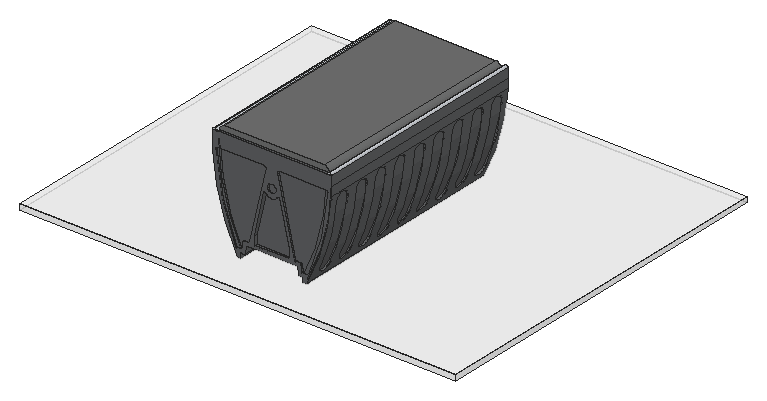
Revit family "TZ-206WWP(AS)", category Communication Devices, host Face, Revit 2016
Family settings
  Host = Face
  Maintain Annotation Orientation = No
  Part Type = Normal
  Round Connector Dimension = Use Diameter
  OmniClass Number = 23.85.10.11.14
  OmniClass Title = Audio Equipment
  Cut with Voids When Loaded = Yes
  Shared = No
  Room Calculation Point = No
Parameters (values of type "TZ-206WWP(AS)")
  Weight = "1.9kg  (4.18 lb) unit only"
  URL = "http://toa.com.sg"
  Rated Impedance 70V Line = "500 Ω (10W), 1 kΩ (5W), 2 kΩ (2.5W), 4 kΩ (1.3W)"
  Product URL = "https://toa.com.sg/document/2154-tz-206wwp-column-speaker-system-specification.pdf"  # constant formula
  Optional = "Speaker stand: ST-16A"
  Enclosure = "Sealed Type"
  Dust/Water Protection = "IP65"
  Speaker Component = "10cm (4\") Cone-type x 2, Waterproof"
  Sensitivity = "89 dB (1W, 1m)"
  Rated Input = "20W"
  Rated Impedance 100V Line = "500 Ω (20W), 1 kΩ (10W), 2 kΩ (5W), 4 kΩ (2.5W)"
  Model Type = "WALL MOUNT SPEAKERS"
  Model By = "BIMLIFE PTE LTD"  # constant formula
  Model = "TZ-206WWP(AS)"
  Mesh = Black Mesh
  Manufacturer = "TOA Electronics Pte Ltd"  # constant formula
  Supplier Tel = "+65 6835 9119"  # constant formula
  Supplier Fax = "+65 6835 9559"  # constant formula
  Supplier Address = "491B River Valley Road, #19-03/04 Valley Point Office Tower, Singapore 248373"  # constant formula
  Supplier = "TOA Electronics Pte Ltd"  # constant formula
  Suppiler Email = "http://toa.com.sg"  # constant formula
  Material = Black
  Frequency Response = "150 – 13,000 Hz"
  Finish = "Enclosure: HIPS, white ||| Punched Net: Surface-tread steel plate, white, anticorrosive paint ||| Speaker bracket: Aluminium die-cast, black, paint ||| Joint Bracket, wall bracket: Steel plate, t1.6, black, paint (ED Coating)"
  Input Terminal = "Push-In Terminals"
  Dimension = "135 (W) X 250 (H) X 128 (D) mm (5.31\" X 9.84\" x 5.04\")"
  Default Elevation = 0 mm
  Copyright To = "TOA Electronics Pte Ltd"  # constant formula
  Operating Temperature = "-10°C to + 50°C (14°F to 122°F)"
Reference planes
  plane 1 "Center (Front/Back)": y = 0
  plane 2: z = 0
  plane 3 "Center (Left/Right)": x = 0
Forms (mm)
  Extrusion 1, solid, material "Surface"
    sketch origin (1.238, -13.929, 0) x (1, 0, 0) y (0, 1, 0)
      loop
        line (-250, 250) -> (-250, -161.335) -> (242.165, -161.335) -> (242.165, 250) -> (-250, 250)
    from 0 to -6.497
  Extrusion 2, solid, material "Black" <- "Material"
    sketch origin (0, 0, 0) x (1, 0, 0) y (0, 1, 0)
      loop
        line (-67.5, 117.774) -> (-67.5, -130.226) -> (67.5, -130.226) -> (67.5, 117.774) -> (-67.5, 117.774)
    from 0 to 120
  Extrusion 3, void
    sketch origin (-67.5, 117.774, 0) x (-1, 0, 0) y (0, 0, -1)
      loop
        line (-129.08, -120) -> (-4.08, -120) -> (-4.08, -115) -> (-129.08, -115) -> (-129.08, -120)
    from 7.458 to 244.353
  Extrusion 4, solid, material "Black Mesh" <- "Mesh"
    sketch origin (-67.5, 117.774, 0) x (1, 0, 0) y (0, 0, -1)
      loop
        line (131.044, -115) -> (2.771, -115) -> (2.771, -120) -> (5.055, -120)
        arc (5.055, -120) -> (7.265, -123.603) -> (11.147, -125.277) r 7
        arc (11.147, -125.277) -> (67.5, -128.11) -> (123.853, -125.277) r 561.845
        arc (123.853, -125.277) -> (127.735, -123.603) -> (129.945, -120) r 7
        line (129.945, -120) -> (131.044, -120) -> (131.044, -115)
    from -244.549 to -3.451
  Extrusion 5, solid, material "Black" <- "Material"
    sketch origin (68.429, 117.774, 0) x (-1, 0, 0) y (0, 0, 1)
      loop
        line (48.428, 22.088) -> (59.132, 100.779)
        spline (59.132, 100.779) -> (59.126, 101.181) -> (59.065, 101.579) -> (58.95, 101.964) -> (58.783, 102.33) -> (58.568, 102.67) -> (58.309, 102.978) -> (58.009, 103.249) -> (57.674, 103.478) -> (57.311, 103.66) -> (56.925, 103.793) -> (56.524, 103.873) -> (56.115, 103.9)
        line (56.115, 103.9) -> (8.191, 103.9)
        arc (8.191, 103.9) -> (6.087, 102.996) -> (5.295, 100.848) r 2.9
        line (5.295, 100.848) -> (5.433, 98.215)
        arc (5.433, 98.215) -> (12.14, 53.638) -> (27.315, 11.19) r 232.757
        arc (27.315, 11.19) -> (28.016, 10.396) -> (29.033, 10.1) r 1.9
        line (29.033, 10.1) -> (32.149, 10.1)
        arc (32.149, 10.1) -> (33.458, 10.623) -> (34.046, 11.903) r 1.9
        line (34.046, 11.903) -> (34.32, 17.11)
        arc (34.32, 17.11) -> (34.972, 18.524) -> (36.419, 19.1) r 2.1
        line (36.419, 19.1) -> (45.424, 19.084)
        arc (45.424, 19.084) -> (47.548, 19.964) -> (48.428, 22.088) r 3.004
    from 0 to 1.5
  Extrusion 6, void
    sketch origin (-67.5, 117.774, 0) x (-1, 0, 0) y (0, 0, -1)
      loop
        arc (-97.92, -6) -> (-97.231, -6.275) -> (-96.921, -6.948) r 1
        line (-96.921, -6.948) -> (-96.498, -15) -> (-38.501, -15) -> (-38.079, -6.948)
        arc (-38.079, -6.948) -> (-37.769, -6.275) -> (-37.08, -6) r 1
        line (-37.08, -6) -> (-32.5, -6) -> (-32.5, 0) -> (-102.5, 0) -> (-102.5, -6) -> (-97.92, -6)
    from 0 to 250
  Extrusion 7, solid, material "Black" <- "Material"
    sketch origin (-67.5, 117.774, 0) x (1, 0, 0) y (0, 0, -1)
      loop
        arc (134.633, -113.3) -> (127.001, -58.165) -> (107.587, -6) r 254.95
        line (107.587, -6) -> (101.717, -6)
        arc (101.717, -6) -> (121.066, -58.173) -> (128.635, -113.3) r 254.95
        line (128.635, -113.3) -> (134.633, -113.3)
    from -247.446 to -1.731
  Extrusion 8, void
    sketch origin (0, 601.406, 0) x (0, 1, 0) y (0, 0, 1)
      loop
        line (-490.723, 17.884) -> (-490.723, 89.982)
        arc (-490.723, 89.982) -> (-498.607, 97.866) -> (-506.491, 89.982) r 7.884
        line (-506.491, 89.982) -> (-506.491, 17.884)
        arc (-506.491, 17.884) -> (-498.607, 10) -> (-490.723, 17.884) r 7.884
    from 36 to 79
  Extrusion 9, void
    sketch origin (-1.094, 410.684, 0) x (0, 1, 0) y (0, 0, 1)
      loop
        line (-490.723, 17.884) -> (-490.723, 89.982)
        arc (-490.723, 89.982) -> (-498.607, 97.866) -> (-506.491, 89.982) r 7.884
        line (-506.491, 89.982) -> (-506.491, 17.884)
        arc (-506.491, 17.884) -> (-498.607, 10) -> (-490.723, 17.884) r 7.884
    from 36 to 79
  Extrusion 10, void
    sketch origin (-0.937, 437.93, 0) x (0, 1, 0) y (0, 0, 1)
      loop
        line (-490.723, 17.884) -> (-490.723, 89.982)
        arc (-490.723, 89.982) -> (-498.607, 97.866) -> (-506.491, 89.982) r 7.884
        line (-506.491, 89.982) -> (-506.491, 17.884)
        arc (-506.491, 17.884) -> (-498.607, 10) -> (-490.723, 17.884) r 7.884
    from 36 to 79
  Extrusion 11, void
    sketch origin (-0.781, 465.176, 0) x (0, 1, 0) y (0, 0, 1)
      loop
        line (-490.723, 17.884) -> (-490.723, 89.982)
        arc (-490.723, 89.982) -> (-498.607, 97.866) -> (-506.491, 89.982) r 7.884
        line (-506.491, 89.982) -> (-506.491, 17.884)
        arc (-506.491, 17.884) -> (-498.607, 10) -> (-490.723, 17.884) r 7.884
    from 36 to 79
  Extrusion 12, void
    sketch origin (-0.625, 492.422, 0) x (0, 1, 0) y (0, 0, 1)
      loop
        line (-490.723, 17.884) -> (-490.723, 89.982)
        arc (-490.723, 89.982) -> (-498.607, 97.866) -> (-506.491, 89.982) r 7.884
        line (-506.491, 89.982) -> (-506.491, 17.884)
        arc (-506.491, 17.884) -> (-498.607, 10) -> (-490.723, 17.884) r 7.884
    from 36 to 79
  Extrusion 13, void
    sketch origin (-0.469, 519.668, 0) x (0, 1, 0) y (0, 0, 1)
      loop
        line (-490.723, 17.884) -> (-490.723, 89.982)
        arc (-490.723, 89.982) -> (-498.607, 97.866) -> (-506.491, 89.982) r 7.884
        line (-506.491, 89.982) -> (-506.491, 17.884)
        arc (-506.491, 17.884) -> (-498.607, 10) -> (-490.723, 17.884) r 7.884
    from 36 to 79
  Extrusion 14, void
    sketch origin (-0.312, 546.914, 0) x (0, 1, 0) y (0, 0, 1)
      loop
        line (-490.723, 17.884) -> (-490.723, 89.982)
        arc (-490.723, 89.982) -> (-498.607, 97.866) -> (-506.491, 89.982) r 7.884
        line (-506.491, 89.982) -> (-506.491, 17.884)
        arc (-506.491, 17.884) -> (-498.607, 10) -> (-490.723, 17.884) r 7.884
    from 36 to 79
  Extrusion 15, void
    sketch origin (-0.156, 574.16, 0) x (0, 1, 0) y (0, 0, 1)
      loop
        line (-490.723, 17.884) -> (-490.723, 89.982)
        arc (-490.723, 89.982) -> (-498.607, 97.866) -> (-506.491, 89.982) r 7.884
        line (-506.491, 89.982) -> (-506.491, 17.884)
        arc (-506.491, 17.884) -> (-498.607, 10) -> (-490.723, 17.884) r 7.884
    from 36 to 79
  Extrusion 16, void
    sketch origin (0, -383.437, 0) x (0, -1, 0) y (0, 0, 1)
      loop
        arc (-276.152, 17.884) -> (-268.268, 10) -> (-260.384, 17.884) r 7.884
        line (-260.384, 17.884) -> (-260.384, 89.982)
        arc (-260.384, 89.982) -> (-268.268, 97.866) -> (-276.152, 89.982) r 7.884
        line (-276.152, 89.982) -> (-276.152, 17.884)
    from 36 to 79
  Extrusion 17, void
    sketch origin (0, -165.469, 0) x (0, -1, 0) y (0, 0, 1)
      loop
        arc (-276.152, 17.884) -> (-268.268, 10) -> (-260.384, 17.884) r 7.884
        line (-260.384, 17.884) -> (-260.384, 89.982)
        arc (-260.384, 89.982) -> (-268.268, 97.866) -> (-276.152, 89.982) r 7.884
        line (-276.152, 89.982) -> (-276.152, 17.884)
    from 36 to 79
  Extrusion 18, void
    sketch origin (0, -355.937, 0) x (0, -1, 0) y (0, 0, 1)
      loop
        arc (-276.152, 17.884) -> (-268.268, 10) -> (-260.384, 17.884) r 7.884
        line (-260.384, 17.884) -> (-260.384, 89.982)
        arc (-260.384, 89.982) -> (-268.268, 97.866) -> (-276.152, 89.982) r 7.884
        line (-276.152, 89.982) -> (-276.152, 17.884)
    from 36 to 79
  Extrusion 19, void
    sketch origin (0, -328.75, 0) x (0, -1, 0) y (0, 0, 1)
      loop
        arc (-276.152, 17.884) -> (-268.268, 10) -> (-260.384, 17.884) r 7.884
        line (-260.384, 17.884) -> (-260.384, 89.982)
        arc (-260.384, 89.982) -> (-268.268, 97.866) -> (-276.152, 89.982) r 7.884
        line (-276.152, 89.982) -> (-276.152, 17.884)
    from 36 to 79
  Extrusion 20, void
    sketch origin (0, -301.562, 0) x (0, -1, 0) y (0, 0, 1)
      loop
        arc (-276.152, 17.884) -> (-268.268, 10) -> (-260.384, 17.884) r 7.884
        line (-260.384, 17.884) -> (-260.384, 89.982)
        arc (-260.384, 89.982) -> (-268.268, 97.866) -> (-276.152, 89.982) r 7.884
        line (-276.152, 89.982) -> (-276.152, 17.884)
    from 36 to 79
  Extrusion 21, void
    sketch origin (0, -274.375, 0) x (0, -1, 0) y (0, 0, 1)
      loop
        arc (-276.152, 17.884) -> (-268.268, 10) -> (-260.384, 17.884) r 7.884
        line (-260.384, 17.884) -> (-260.384, 89.982)
        arc (-260.384, 89.982) -> (-268.268, 97.866) -> (-276.152, 89.982) r 7.884
        line (-276.152, 89.982) -> (-276.152, 17.884)
    from 36 to 79
  Extrusion 22, void
    sketch origin (0, -247.187, 0) x (0, -1, 0) y (0, 0, 1)
      loop
        arc (-276.152, 17.884) -> (-268.268, 10) -> (-260.384, 17.884) r 7.884
        line (-260.384, 17.884) -> (-260.384, 89.982)
        arc (-260.384, 89.982) -> (-268.268, 97.866) -> (-276.152, 89.982) r 7.884
        line (-276.152, 89.982) -> (-276.152, 17.884)
    from 36 to 79
  Extrusion 23, void
    sketch origin (0, -220, 0) x (0, -1, 0) y (0, 0, 1)
      loop
        arc (-276.152, 17.884) -> (-268.268, 10) -> (-260.384, 17.884) r 7.884
        line (-260.384, 17.884) -> (-260.384, 89.982)
        arc (-260.384, 89.982) -> (-268.268, 97.866) -> (-276.152, 89.982) r 7.884
        line (-276.152, 89.982) -> (-276.152, 17.884)
    from 36 to 79
  Extrusion 24, void
    sketch origin (0, -192.812, 0) x (0, -1, 0) y (0, 0, 1)
      loop
        arc (-276.152, 17.884) -> (-268.268, 10) -> (-260.384, 17.884) r 7.884
        line (-260.384, 17.884) -> (-260.384, 89.982)
        arc (-260.384, 89.982) -> (-268.268, 97.866) -> (-276.152, 89.982) r 7.884
        line (-276.152, 89.982) -> (-276.152, 17.884)
    from 36 to 79
  Extrusion 25, solid, material "Black" <- "Material"
    sketch origin (67.5, 117.774, 0) x (-1, 0, 0) y (0, 0, 1)
      loop
        line (134.208, 113.3) -> (127.824, 113.3)
        arc (127.824, 113.3) -> (120.637, 58.22) -> (101.702, 6) r 255.203
        line (101.702, 6) -> (108.178, 6)
        arc (108.178, 6) -> (127.065, 58.226) -> (134.208, 113.3) r 255.203
    from -247.446 to -1.731
  Extrusion 26, solid, material "Black" <- "Material"
    sketch origin (-68.429, 117.774, 0) x (1, 0, 0) y (0, 0, -1)
      loop
        spline (56.115, -103.9) -> (56.524, -103.873) -> (56.925, -103.793) -> (57.311, -103.66) -> (57.674, -103.478) -> (58.009, -103.249) -> (58.309, -102.978) -> (58.568, -102.67) -> (58.783, -102.33) -> (58.95, -101.964) -> (59.065, -101.579) -> (59.126, -101.181) -> (59.132, -100.779)
        line (59.132, -100.779) -> (48.428, -22.088)
        arc (48.428, -22.088) -> (47.548, -19.964) -> (45.424, -19.084) r 3.004
        line (45.424, -19.084) -> (36.419, -19.1)
        arc (36.419, -19.1) -> (34.972, -18.524) -> (34.32, -17.11) r 2.1
        line (34.32, -17.11) -> (34.046, -11.903)
        arc (34.046, -11.903) -> (33.458, -10.623) -> (32.149, -10.1) r 1.9
        line (32.149, -10.1) -> (29.033, -10.1)
        arc (29.033, -10.1) -> (28.016, -10.396) -> (27.315, -11.19) r 1.9
        arc (27.315, -11.19) -> (12.14, -53.638) -> (5.433, -98.215) r 232.757
        line (5.433, -98.215) -> (5.295, -100.848)
        arc (5.295, -100.848) -> (6.087, -102.996) -> (8.191, -103.9) r 2.9
        line (8.191, -103.9) -> (56.115, -103.9)
    from 0 to 1.5
  Extrusion 27, void
    sketch origin (-68.429, -130.226, 0) x (1, 0, 0) y (0, 0, -1)
      loop
        spline (59.849, -104) -> (60.153, -103.979) -> (60.448, -103.916) -> (60.728, -103.812) -> (60.988, -103.67) -> (61.222, -103.492) -> (61.425, -103.283) -> (61.593, -103.046) -> (61.723, -102.787) -> (61.811, -102.511) -> (61.855, -102.224) -> (61.856, -101.931) -> (61.812, -101.64)
        line (61.812, -101.64) -> (43.397, -20.512)
        spline (43.397, -20.512) -> (43.337, -20.301) -> (43.252, -20.099) -> (43.145, -19.907) -> (43.017, -19.729) -> (42.869, -19.567) -> (42.703, -19.422) -> (42.521, -19.296) -> (42.325, -19.191) -> (42.118, -19.108) -> (41.902, -19.048) -> (41.679, -19.012) -> (41.453, -19)
        line (41.453, -19) -> (37.451, -19)
        arc (37.451, -19) -> (36.075, -18.452) -> (35.454, -17.107) r 2
        line (35.454, -17.107) -> (35.181, -11.895)
        arc (35.181, -11.895) -> (34.562, -10.55) -> (33.187, -10) r 2
        line (33.187, -10) -> (29.068, -10)
        arc (29.068, -10) -> (27.997, -10.311) -> (27.258, -11.148) r 2
        arc (27.258, -11.148) -> (12.078, -53.614) -> (5.367, -98.21) r 232.856
        line (5.367, -98.21) -> (5.174, -101.892)
        arc (5.174, -101.892) -> (5.719, -103.376) -> (7.171, -104) r 2
        line (7.171, -104) -> (59.849, -104)
    from 0 to 1
  Extrusion 28, void
    sketch origin (-67.5, 117.774, 0) x (-1, 0, 0) y (0, 0, -1)
      loop
        line (-135, 0) -> (-135, -109) -> (-134.477, -99.026)
        arc (-134.477, -99.026) -> (-126.471, -49.135) -> (-108.064, -2.077) r 236.857
        arc (-108.064, -2.077) -> (-107.327, -1.29) -> (-106.29, -1) r 2
        line (-106.29, -1) -> (-105, 0) -> (-135, 0)
    from 0 to 250
  Extrusion 29, void
    sketch origin (0, 383.437, 0) x (0, 1, 0) y (0, 0, 1)
      loop
        line (-490.723, 17.884) -> (-490.723, 89.982)
        arc (-490.723, 89.982) -> (-498.607, 97.866) -> (-506.491, 89.982) r 7.884
        line (-506.491, 89.982) -> (-506.491, 17.884)
        arc (-506.491, 17.884) -> (-498.607, 10) -> (-490.723, 17.884) r 7.884
    from 36 to 79
  Extrusion 30, void
    sketch origin (68.429, -130.226, 0) x (-1, 0, 0) y (0, 0, 1)
      loop
        line (59.849, 104) -> (7.171, 104)
        arc (7.171, 104) -> (5.719, 103.376) -> (5.174, 101.892) r 2
        line (5.174, 101.892) -> (5.367, 98.21)
        arc (5.367, 98.21) -> (12.078, 53.614) -> (27.258, 11.148) r 232.856
        arc (27.258, 11.148) -> (27.997, 10.311) -> (29.068, 10) r 2
        line (29.068, 10) -> (33.187, 10)
        arc (33.187, 10) -> (34.562, 10.55) -> (35.181, 11.895) r 2
        line (35.181, 11.895) -> (35.454, 17.107)
        arc (35.454, 17.107) -> (36.075, 18.452) -> (37.451, 19) r 2
        line (37.451, 19) -> (41.453, 19)
        spline (41.453, 19) -> (41.679, 19.012) -> (41.902, 19.048) -> (42.118, 19.108) -> (42.325, 19.191) -> (42.521, 19.296) -> (42.703, 19.422) -> (42.869, 19.567) -> (43.017, 19.729) -> (43.145, 19.907) -> (43.252, 20.099) -> (43.337, 20.301) -> (43.397, 20.512)
        line (43.397, 20.512) -> (61.812, 101.64)
        spline (61.812, 101.64) -> (61.856, 101.931) -> (61.855, 102.224) -> (61.811, 102.511) -> (61.723, 102.787) -> (61.593, 103.046) -> (61.425, 103.283) -> (61.222, 103.492) -> (60.988, 103.67) -> (60.728, 103.812) -> (60.448, 103.916) -> (60.153, 103.979) -> (59.849, 104)
    from 0 to 1
  Extrusion 31, solid
    sketch origin (0, 0, 0) x (1, 0, 0) y (0, 0, 1)
      loop
        arc (-64.921, 122) -> (-66.335, 121.414) -> (-66.921, 120) r 2
        line (-66.921, 120) -> (-61.277, 120)
        arc (-61.277, 120) -> (-62.859, 120.564) -> (-63.727, 122) r 2.5
        line (-63.727, 122) -> (-64.921, 122)
    from -117.774 to 130.226
  Extrusion 32, solid
    sketch origin (0, 0, 0) x (-1, 0, 0) y (0, 0, -1)
      loop
        line (-64.921, -122) -> (-63.727, -122)
        arc (-63.727, -122) -> (-62.859, -120.564) -> (-61.277, -120) r 2.5
        line (-61.277, -120) -> (-66.921, -120)
        arc (-66.921, -120) -> (-66.335, -121.414) -> (-64.921, -122) r 2
    from -117.774 to 130.226
  Extrusion 33, void
    sketch origin (67.5, 117.774, 0) x (1, 0, 0) y (0, 0, 1)
      loop
        line (-135, 0) -> (-105, 0) -> (-106.29, 1)
        arc (-106.29, 1) -> (-107.327, 1.29) -> (-108.064, 2.077) r 2
        arc (-108.064, 2.077) -> (-126.471, 49.135) -> (-134.477, 99.026) r 236.857
        line (-134.477, 99.026) -> (-135, 109) -> (-135, 0)
    from 0 to 250
  Extrusion 34, void
    sketch origin (-67.5, 117.774, -1) x (-1, 0, 0) y (0, 0, -1)
      loop
        arc (-60.162, -77.973) -> (-59.157, -78.332) -> (-58.406, -77.573) r 0.994
        line (-58.406, -77.573) -> (-48.153, -30.189) -> (-48.153, -20.095) -> (-86.847, -20.095) -> (-86.847, -30.189) -> (-76.091, -77.573)
        arc (-76.091, -77.573) -> (-75.343, -78.339) -> (-74.336, -77.973) r 0.988
        arc (-74.336, -77.973) -> (-67.249, -74.551) -> (-60.162, -77.973) r 9.05
    from 245 to 250
  Extrusion 35, void
    sketch origin (67.5, -130.226, -4.125) x (1, 0, 0) y (0, 0, -1)
      loop
        circle (-67.5, -87.125) r 5
    from 0 to 1
  Extrusion 36, solid, material "Black" <- "Material"
    sketch origin (-0.3, 0, 0) x (0, 1, 0) y (1, 0, 0)
      loop
        spline (-36.77, -31.993) -> (-36.798, -32.373) -> (-36.888, -32.745) -> (-37.039, -33.103) -> (-37.248, -33.442) -> (-37.511, -33.755) -> (-37.825, -34.038) -> (-38.184, -34.286) -> (-38.582, -34.496) -> (-39.014, -34.663) -> (-39.472, -34.786) -> (-39.949, -34.861) -> (-40.437, -34.889)
        line (-40.437, -34.889) -> (53.557, -34.889)
        spline (53.557, -34.889) -> (53.062, -34.868) -> (52.578, -34.797) -> (52.112, -34.679) -> (51.671, -34.514) -> (51.265, -34.306) -> (50.898, -34.057) -> (50.577, -33.773) -> (50.308, -33.457) -> (50.094, -33.116) -> (49.94, -32.754) -> (49.848, -32.378) -> (49.819, -31.994)
        line (49.819, -31.994) -> (49.819, 32.745)
        spline (49.819, 32.745) -> (49.83, 32.992) -> (49.868, 33.237) -> (49.931, 33.477) -> (50.02, 33.712) -> (50.134, 33.94) -> (50.272, 34.158) -> (50.433, 34.367) -> (50.617, 34.563) -> (50.821, 34.747) -> (51.045, 34.916) -> (51.286, 35.069) -> (51.544, 35.206)
        line (51.544, 35.206) -> (-38.496, 35.206)
        spline (-38.496, 35.206) -> (-38.238, 35.069) -> (-37.996, 34.916) -> (-37.772, 34.747) -> (-37.568, 34.563) -> (-37.384, 34.367) -> (-37.223, 34.158) -> (-37.085, 33.94) -> (-36.971, 33.712) -> (-36.882, 33.477) -> (-36.819, 33.236) -> (-36.781, 32.992) -> (-36.77, 32.745)
        line (-36.77, 32.745) -> (-36.77, -31.993)
    from -6 to 0
Cuts and joins
  Extrusion 3, Extrusion 6, Extrusion 8, Extrusion 9, Extrusion 10, Extrusion 11, Extrusion 12, Extrusion 13, Extrusion 14, Extrusion 15, Extrusion 16, Extrusion 17, Extrusion 18, Extrusion 19, Extrusion 20, Extrusion 21, Extrusion 22, Extrusion 23, Extrusion 24, Extrusion 27, Extrusion 28, Extrusion 29, Extrusion 30, Extrusion 33, Extrusion 34, Extrusion 35 cuts Extrusion 2
  Extrusion 16 cuts Extrusion 7
  Extrusion 28, Extrusion 29, Extrusion 30 cuts Extrusion 25
Lines and regions (mm)
  symbolic lines, style "Communication Devices Line 2"
    curve 1: circle (0, 47.774, 0) r 47.234 normal (0, 0, 1)
    curve 2: circle (0, -61.226, 0) r 47.234 normal (0, 0, 1)
    curve 3: circle (40.16, 101.742, 0) r 6.4 normal (0, 0, 1)
    curve 4: circle (-40.153, 101.742, 0) r 6.4 normal (0, 0, 1)
    curve 5: circle (-40.153, -114.264, 0) r 6.4 normal (0, 0, 1)
    curve 6: circle (40.18, -114.264, 0) r 6.4 normal (0, 0, 1)
  symbolic lines, style "CommunicationDevices"
    curve 7: line (7.5, -53.226, 0) -> (-7.5, -53.226, 0)
    curve 8: arc (-7.5, -53.226, 0) -> (-7.854, -53.372, 0) -> (-8, -53.726, 0) r 0.5
    curve 9: line (-8, -53.726, 0) -> (-8, -68.726, 0)
    curve 10: arc (-8, -68.726, 0) -> (-7.854, -69.079, 0) -> (-7.5, -69.226, 0) r 0.5
    curve 11: line (-7.5, -69.226, 0) -> (7.5, -69.226, 0)
    curve 12: arc (7.5, -69.226, 0) -> (7.854, -69.079, 0) -> (8, -68.726, 0) r 0.5
    curve 13: line (8, -68.726, 0) -> (8, -53.726, 0)
    curve 14: arc (8, -53.726, 0) -> (7.854, -53.372, 0) -> (7.5, -53.226, 0) r 0.5
    curve 15: line (7, -54.226, 0) -> (-7, -54.226, 0)
    curve 16: line (7, -56.726, 0) -> (3.701, -60.226, 0)
    curve 17: line (3.701, -60.226, 0) -> (1, -60.226, 0)
    curve 18: line (1, -60.226, 0) -> (1, -68.226, 0)
    curve 19: line (1, -68.226, 0) -> (7, -68.226, 0)
    curve 20: line (7, -68.226, 0) -> (7, -56.726, 0)
    curve 21: line (-7, -62.381, 0) -> (-1.358, -56.726, 0)
    curve 22: line (-1.358, -56.726, 0) -> (-7, -56.726, 0)
    curve 23: line (-7, -56.726, 0) -> (-7, -62.381, 0)
    curve 24: line (0.071, -60.226, 0) -> (-3.719, -60.226, 0)
    curve 25: line (-3.719, -60.226, 0) -> (-7, -63.514, 0)
    curve 26: line (-7, -63.514, 0) -> (-7, -67.094, 0)
    curve 27: line (-7, -67.094, 0) -> (0.071, -60.226, 0)
    curve 28: line (-1, -62.381, 0) -> (-7.017, -68.226, 0)
    curve 29: line (-7.017, -68.226, 0) -> (-1, -68.226, 0)
    curve 30: line (-1, -68.226, 0) -> (-1, -62.381, 0)
  model lines
    curve 31: line (-44.045, 48.422, 8.205) -> (-44.045, 29.804, 8.205)
    curve 32: circle (1, -6.226, 0) r 7.5 normal (0, 0, 1)
    curve 33: circle (-14, -21.226, 0) r 4.5 normal (0, 0, 1)
    curve 34: circle (16, 8.774, 0) r 4.5 normal (0, 0, 1)
    curve 35: line (-18.58, -89.223, 15) -> (-18.58, -112.226, 15)
    curve 36: circle (-21.5, -115.345, 15) r 2.593 normal (0, 0, 1)
    curve 37: circle (23.5, -115.345, 15) r 2.593 normal (0, 0, 1)
    curve 38: circle (23.5, -86.345, 15) r 2.593 normal (0, 0, 1)
    curve 39: circle (-21.5, -86.345, 15) r 2.593 normal (0, 0, 1)
    curve 40: arc (-18.58, -112.226, 15) -> (-17.822, -114.048, 15) -> (-15.999, -114.805, 15) r 2.586
    curve 41: arc (17.997, -114.805, 15) -> (19.823, -114.049, 15) -> (20.579, -112.223, 15) r 2.582
    curve 42: line (-15.999, -114.805, 15) -> (17.997, -114.805, 15)
    curve 43: line (20.579, -89.223, 15) -> (20.579, -112.223, 15)
    curve 44: line (18.002, -86.646, 15) -> (-16.003, -86.646, 15)
    curve 45: arc (20.579, -89.223, 15) -> (19.824, -87.401, 15) -> (18.002, -86.646, 15) r 2.576
    curve 46: arc (-18.58, -89.223, 15) -> (-17.825, -87.401, 15) -> (-16.003, -86.646, 15) r 2.576
    curve 47: line (23.004, 117.774, 19.084) -> (-23.004, 117.774, 19.084)
Dimensions and locks
  equal spacing: Extrusion 2, plane 3 "Center (Left/Right)", Extrusion 2
  locked: Extrusion 2 to Extrusion 2 at 135
  Extrusion 2 to Extrusion 2 = 248 mm
  cut or joined group 1 (Extrusion 2, Extrusion 3, Extrusion 6, Extrusion 8, Extrusion 9, Extrusion 10, Extrusion 11, Extrusion 12, Extrusion 13, Extrusion 14, Extrusion 15, Extrusion 16, Extrusion 17, Extrusion 18, Extrusion 19, Extrusion 20, Extrusion 21, Extrusion 22, Extrusion 23, Extrusion 24, Extrusion 27, Extrusion 28, Extrusion 29, Extrusion 30, Extrusion 33, Extrusion 34, Extrusion 35) to plane 3 "Center (Left/Right)" to cut or joined group 1 = 67.5 mm, 67.5 mm
  Extrusion 6 sketch curve to plane 3 "Center (Left/Right)" = 35 mm  (x2)
  aligned and locked: plane 2 to Extrusion 1
  aligned and locked: level to Extrusion 1
Automatic sketch dimensions
  curve 2 to plane 3 "Center (Left/Right)" = 0 mm
  curve 1 to plane 3 "Center (Left/Right)" = 0 mm
  curve 28 to plane 3 "Center (Left/Right)" = 1 mm
  curve 22 to plane 3 "Center (Left/Right)" = 1.358 mm
  curve 25 to curve 28 = 2.719 mm
  curve 25 to curve 24 = 3.281 mm
  curve 23 to curve 25 = 0 mm
  curve 29 to curve 26 = 0.017 mm
  curve 10 to curve 28 = 0.483 mm
  curve 8 to curve 22 = 0.5 mm
  curve 9 to curve 8 = 0.5 mm
  curve 5 to plane 3 "Center (Left/Right)" = 40.153 mm
  curve 4 to plane 3 "Center (Left/Right)" = 40.153 mm
  plane 3 "Center (Left/Right)" to curve 27 = 0.071 mm
  curve 24 to curve 17 = 0.929 mm
  curve 17 to curve 16 = 2.701 mm
  curve 16 to curve 16 = 3.299 mm
  curve 19 to curve 11 = 0.5 mm
  curve 16 to curve 7 = 0.5 mm
  curve 14 to curve 13 = 0.5 mm
  plane 3 "Center (Left/Right)" to curve 3 = 40.16 mm
  plane 3 "Center (Left/Right)" to curve 6 = 40.18 mm
  plane 1 "Center (Front/Back)" to curve 5 = 114.264 mm
  curve 5 to curve 6 = 0 mm
  curve 5 to curve 11 = 45.038 mm
  curve 12 to curve 19 = 0.5 mm
  curve 10 to curve 28 = 0.5 mm
  curve 28 to curve 27 = 1.131 mm
  curve 26 to curve 25 = 3.58 mm
  curve 29 to curve 28 = 5.844 mm
  curve 25 to curve 21 = 1.133 mm
  curve 28 to curve 2 = 1.156 mm
  curve 2 to curve 17 = 1 mm
  curve 28 to curve 24 = 2.156 mm
  curve 16 to curve 16 = 3.5 mm
  curve 24 to curve 21 = 3.5 mm
  curve 22 to curve 8 = 3 mm
  curve 1 to plane 1 "Center (Front/Back)" = 47.774 mm
  curve 1 to curve 3 = 53.967 mm
  curve 1 to curve 4 = 53.967 mm
  curve 8 to curve 15 = 0.5 mm
  curve 15 to curve 14 = 0.5 mm  (x2)
  Extrusion 1 sketch curve to Extrusion 1 sketch curve = 492.165 mm
  Extrusion 1 sketch curve to Extrusion 1 sketch curve = 411.335 mm
  Extrusion 2 sketch curve to plane 3 "Center (Left/Right)" = 67.5 mm
  plane 3 "Center (Left/Right)" to Extrusion 2 sketch curve = 67.5 mm
  plane 1 "Center (Front/Back)" to Extrusion 2 sketch curve = 130.226 mm
  Extrusion 2 sketch curve to plane 1 "Center (Front/Back)" = 117.774 mm
  Extrusion 3 sketch curve to Extrusion 2 = 0 mm
  Extrusion 2 to Extrusion 3 sketch curve = 5.92 mm
  Extrusion 2 to Extrusion 3 sketch curve = 4.08 mm
  Extrusion 3 sketch curve to Extrusion 3 sketch curve = 5 mm
  Extrusion 4 sketch curve to Extrusion 2 = 0 mm  (x2)
  Extrusion 4 sketch curve to Extrusion 2 = 2.771 mm
  Extrusion 4 sketch curve to Extrusion 4 sketch curve = 2.285 mm
  Extrusion 2 to Extrusion 4 sketch curve = 1.688 mm  (x2)
  Extrusion 4 sketch curve to Extrusion 4 sketch curve = 6.794 mm
  Extrusion 4 sketch curve to Extrusion 2 = 67.5 mm
  Extrusion 4 sketch curve to Extrusion 2 = 11.849 mm
  Extrusion 4 sketch curve to Extrusion 2 = 5.055 mm
  Extrusion 4 sketch curve to Extrusion 4 sketch curve = 1.099 mm
  Extrusion 2 to Extrusion 4 sketch curve = 5 mm
  Extrusion 4 sketch curve to Extrusion 2 = 433.734 mm
  Extrusion 4 sketch curve to Extrusion 4 sketch curve = 0 mm
  Extrusion 2 to curve 47 = 19.084 mm
  curve 47 to Extrusion 2 = 44.496 mm  (x2)
  Extrusion 2 to curve 33 = 53.5 mm
  curve 33 to curve 32 = 15 mm  (x2)
  curve 32 to curve 34 = 15 mm  (x2)
  Extrusion 2 to curve 33 = 109 mm
  Extrusion 5 sketch curve to Extrusion 2 = 4.366 mm
  Extrusion 5 sketch curve to Extrusion 5 sketch curve = 0.138 mm
  Extrusion 5 sketch curve to Extrusion 5 sketch curve = 2.896 mm
  Extrusion 2 to Extrusion 5 sketch curve = 12 mm
  Extrusion 5 sketch curve to Extrusion 2 = 28.105 mm
  Extrusion 5 sketch curve to Extrusion 5 sketch curve = 3.116 mm
  Extrusion 2 to Extrusion 5 sketch curve = 11.903 mm
  Extrusion 5 sketch curve to Extrusion 5 sketch curve = 1.898 mm
  Extrusion 2 to Extrusion 5 sketch curve = 17.11 mm
  Extrusion 5 sketch curve to Extrusion 5 sketch curve = 0.274 mm
  Extrusion 5 sketch curve to Extrusion 5 sketch curve = 2.098 mm
  Extrusion 5 sketch curve to Extrusion 5 sketch curve = 0.002 mm
  Extrusion 5 sketch curve to Extrusion 5 sketch curve = 9.005 mm
  Extrusion 2 to Extrusion 5 sketch curve = 22.088 mm
  Extrusion 5 sketch curve to Extrusion 5 sketch curve = 3.004 mm
  Extrusion 2 to Extrusion 5 sketch curve = 16.1 mm
  Extrusion 5 sketch curve to Extrusion 5 sketch curve = 47.924 mm
  Extrusion 2 to Extrusion 5 sketch curve = 19.221 mm
  Extrusion 5 sketch curve to Extrusion 5 sketch curve = 3.017 mm
  Extrusion 2 to Extrusion 5 sketch curve = 9.604 mm
  Extrusion 2 to Extrusion 5 sketch curve = 101.942 mm
  Extrusion 5 sketch curve to Extrusion 5 sketch curve = 1.803 mm
  Extrusion 5 sketch curve to Extrusion 5 sketch curve = 0.11 mm
  Extrusion 5 sketch curve to Extrusion 5 sketch curve = 5.685 mm
  Extrusion 5 sketch curve to Extrusion 5 sketch curve = 2.634 mm
  Extrusion 5 sketch curve to Extrusion 5 sketch curve = 2.957 mm
  Extrusion 5 sketch curve to Extrusion 5 sketch curve = 0.041 mm
  curve 31 to plane 3 "Center (Left/Right)" = 44.045 mm
  curve 31 to plane 1 "Center (Front/Back)" = 29.804 mm
  curve 31 to curve 31 = 18.618 mm
  Extrusion 7 sketch curve to Extrusion 2 = 0.209 mm
  Extrusion 2 to Extrusion 7 sketch curve = 126.222 mm
  Extrusion 7 sketch curve to Extrusion 2 = 0.478 mm
  Extrusion 7 sketch curve to Extrusion 7 sketch curve = 6.006 mm
  Extrusion 2 to Extrusion 7 sketch curve = 6 mm
  Extrusion 7 sketch curve to Extrusion 2 = 33.283 mm
  Extrusion 7 sketch curve to Extrusion 7 sketch curve = 5.87 mm
  Extrusion 7 sketch curve to Extrusion 2 = 6.365 mm
  Extrusion 2 to Extrusion 25 sketch curve = 1.413 mm
  Extrusion 2 to Extrusion 25 sketch curve = 127.323 mm
  Extrusion 2 to Extrusion 25 sketch curve = 1.61 mm
  Extrusion 25 sketch curve to Extrusion 25 sketch curve = 6.379 mm
  Extrusion 2 to Extrusion 25 sketch curve = 6 mm
  Extrusion 25 sketch curve to Extrusion 2 = 33.298 mm
  Extrusion 25 sketch curve to Extrusion 25 sketch curve = 6.476 mm
  Extrusion 2 to Extrusion 25 sketch curve = 6.7 mm
  Extrusion 26 sketch curve to Extrusion 2 = 4.366 mm
  Extrusion 26 sketch curve to Extrusion 26 sketch curve = 0.138 mm
  Extrusion 26 sketch curve to Extrusion 26 sketch curve = 2.896 mm
  Extrusion 2 to Extrusion 26 sketch curve = 12 mm
  Extrusion 26 sketch curve to Extrusion 2 = 28.105 mm
  Extrusion 26 sketch curve to Extrusion 26 sketch curve = 3.116 mm
  Extrusion 2 to Extrusion 26 sketch curve = 11.903 mm
  Extrusion 26 sketch curve to Extrusion 26 sketch curve = 1.898 mm
  Extrusion 2 to Extrusion 26 sketch curve = 17.11 mm
  Extrusion 26 sketch curve to Extrusion 26 sketch curve = 0.274 mm
  Extrusion 26 sketch curve to Extrusion 26 sketch curve = 2.098 mm
  Extrusion 26 sketch curve to Extrusion 26 sketch curve = 0.002 mm
  Extrusion 26 sketch curve to Extrusion 26 sketch curve = 9.005 mm
  Extrusion 2 to Extrusion 26 sketch curve = 22.088 mm
  Extrusion 26 sketch curve to Extrusion 26 sketch curve = 3.004 mm
  Extrusion 2 to Extrusion 26 sketch curve = 16.1 mm
  Extrusion 26 sketch curve to Extrusion 26 sketch curve = 47.924 mm
  Extrusion 2 to Extrusion 26 sketch curve = 19.221 mm
  Extrusion 26 sketch curve to Extrusion 26 sketch curve = 3.017 mm
  Extrusion 2 to Extrusion 26 sketch curve = 9.604 mm
  Extrusion 2 to Extrusion 26 sketch curve = 101.942 mm
  Extrusion 26 sketch curve to Extrusion 26 sketch curve = 2.9 mm
  Extrusion 26 sketch curve to Extrusion 26 sketch curve = 2.634 mm
  Extrusion 26 sketch curve to Extrusion 26 sketch curve = 1.99 mm
  Extrusion 26 sketch curve to Extrusion 26 sketch curve = 0.097 mm
  Extrusion 26 sketch curve to Extrusion 26 sketch curve = 2.957 mm
  Extrusion 26 sketch curve to Extrusion 26 sketch curve = 0.041 mm
  Extrusion 27 sketch curve to plane 3 "Center (Left/Right)" = 63.255 mm
  Extrusion 27 sketch curve to Extrusion 27 sketch curve = 0.194 mm
  Extrusion 27 sketch curve to Extrusion 27 sketch curve = 1.997 mm  (x3)
  level to Extrusion 27 sketch curve = 12 mm
  Extrusion 27 sketch curve to plane 3 "Center (Left/Right)" = 39.361 mm
  Extrusion 27 sketch curve to Extrusion 27 sketch curve = 4.116 mm
  Extrusion 27 sketch curve to Extrusion 27 sketch curve = 0.003 mm
  level to Extrusion 27 sketch curve = 11.895 mm
  level to Extrusion 27 sketch curve = 17.107 mm
  Extrusion 27 sketch curve to Extrusion 27 sketch curve = 0.272 mm
  Extrusion 27 sketch curve to Extrusion 27 sketch curve = 4.003 mm
  Extrusion 27 sketch curve to Extrusion 27 sketch curve = 1.944 mm
  Extrusion 27 sketch curve to plane 3 "Center (Left/Right)" = 8.58 mm
  Extrusion 27 sketch curve to Extrusion 27 sketch curve = 1.963 mm
  plane 3 "Center (Left/Right)" to Extrusion 27 sketch curve = 169.476 mm
  Extrusion 27 sketch curve to Extrusion 27 sketch curve = 1.893 mm
  Extrusion 27 sketch curve to Extrusion 27 sketch curve = 1.512 mm
  Extrusion 27 sketch curve to Extrusion 27 sketch curve = 79.21 mm
  Extrusion 27 sketch curve to Extrusion 27 sketch curve = 3.43 mm
  Extrusion 27 sketch curve to Extrusion 27 sketch curve = 3.682 mm
  Extrusion 27 sketch curve to Extrusion 27 sketch curve = 0.108 mm
  level to Extrusion 27 sketch curve = 110.396 mm
  Extrusion 27 sketch curve to Extrusion 27 sketch curve = 0.104 mm
  Extrusion 27 sketch curve to Extrusion 27 sketch curve = 0.081 mm
  Extrusion 27 sketch curve to Extrusion 27 sketch curve = 0.188 mm
  Extrusion 27 sketch curve to Extrusion 27 sketch curve = 2.056 mm
  Extrusion 27 sketch curve to Extrusion 27 sketch curve = 0.101 mm
  Extrusion 2 to Extrusion 28 sketch curve = 0 mm
  Extrusion 28 sketch curve to Extrusion 2 = 0 mm
  Extrusion 2 to Extrusion 28 sketch curve = 0.523 mm
  Extrusion 28 sketch curve to Extrusion 2 = 1 mm
  Extrusion 2 to Extrusion 28 sketch curve = 28.71 mm
  Extrusion 28 sketch curve to Extrusion 28 sketch curve = 1.29 mm
  Extrusion 28 sketch curve to Extrusion 2 = 8.604 mm
  Extrusion 28 sketch curve to Extrusion 2 = 102.056 mm
  Extrusion 28 sketch curve to Extrusion 2 = 11 mm
  Extrusion 28 sketch curve to Extrusion 28 sketch curve = 9.974 mm
  Extrusion 28 sketch curve to Extrusion 28 sketch curve = 2 mm
  plane 3 "Center (Left/Right)" to Extrusion 30 sketch curve = 63.255 mm
  Extrusion 30 sketch curve to Extrusion 30 sketch curve = 0.194 mm
  Extrusion 30 sketch curve to Extrusion 30 sketch curve = 1.997 mm  (x3)
  level to Extrusion 30 sketch curve = 12 mm
  plane 3 "Center (Left/Right)" to Extrusion 30 sketch curve = 39.361 mm
  Extrusion 30 sketch curve to Extrusion 30 sketch curve = 4.116 mm
  Extrusion 30 sketch curve to Extrusion 30 sketch curve = 0.003 mm
  level to Extrusion 30 sketch curve = 11.895 mm
  level to Extrusion 30 sketch curve = 17.107 mm
  Extrusion 30 sketch curve to Extrusion 30 sketch curve = 0.272 mm
  Extrusion 30 sketch curve to Extrusion 30 sketch curve = 4.003 mm
  Extrusion 30 sketch curve to Extrusion 30 sketch curve = 1.944 mm
  plane 3 "Center (Left/Right)" to Extrusion 30 sketch curve = 8.58 mm
  Extrusion 30 sketch curve to Extrusion 30 sketch curve = 1.963 mm
  Extrusion 30 sketch curve to plane 3 "Center (Left/Right)" = 169.476 mm
  Extrusion 30 sketch curve to Extrusion 30 sketch curve = 1.896 mm
  Extrusion 30 sketch curve to Extrusion 30 sketch curve = 0.107 mm
  Extrusion 30 sketch curve to Extrusion 30 sketch curve = 1.512 mm
  Extrusion 30 sketch curve to Extrusion 30 sketch curve = 79.21 mm
  Extrusion 30 sketch curve to Extrusion 30 sketch curve = 3.43 mm
  Extrusion 30 sketch curve to Extrusion 30 sketch curve = 3.682 mm
  Extrusion 30 sketch curve to Extrusion 30 sketch curve = 0.108 mm
  level to Extrusion 30 sketch curve = 110.396 mm
  Extrusion 30 sketch curve to Extrusion 30 sketch curve = 0.081 mm
  Extrusion 30 sketch curve to Extrusion 30 sketch curve = 0.188 mm
  Extrusion 30 sketch curve to Extrusion 30 sketch curve = 2.056 mm
  Extrusion 30 sketch curve to Extrusion 30 sketch curve = 0.101 mm
  Extrusion 31 sketch curve to plane 3 "Center (Left/Right)" = 66.921 mm
  Extrusion 31 sketch curve to Extrusion 31 sketch curve = 2 mm
  Extrusion 31 sketch curve to Extrusion 31 sketch curve = 1.194 mm
  Extrusion 31 sketch curve to Extrusion 31 sketch curve = 2.449 mm
  level to Extrusion 31 sketch curve = 120 mm
  Extrusion 31 sketch curve to Extrusion 31 sketch curve = 0 mm  (x2)
  Extrusion 31 sketch curve to Extrusion 31 sketch curve = 0.5 mm
  Extrusion 32 sketch curve to plane 3 "Center (Left/Right)" = 66.921 mm
  Extrusion 32 sketch curve to Extrusion 32 sketch curve = 2 mm
  Extrusion 32 sketch curve to Extrusion 32 sketch curve = 1.194 mm
  Extrusion 32 sketch curve to Extrusion 32 sketch curve = 2.449 mm
  Extrusion 32 sketch curve to level = 120 mm
  Extrusion 32 sketch curve to Extrusion 32 sketch curve = 0 mm  (x2)
  Extrusion 32 sketch curve to Extrusion 32 sketch curve = 0.5 mm
  Extrusion 33 sketch curve to Extrusion 2 = 0 mm  (x2)
  Extrusion 2 to Extrusion 33 sketch curve = 0.523 mm
  Extrusion 33 sketch curve to Extrusion 2 = 1 mm
  Extrusion 2 to Extrusion 33 sketch curve = 28.71 mm
  Extrusion 33 sketch curve to Extrusion 33 sketch curve = 1.29 mm
  Extrusion 33 sketch curve to Extrusion 2 = 8.604 mm
  Extrusion 33 sketch curve to Extrusion 2 = 102.056 mm
  Extrusion 33 sketch curve to Extrusion 33 sketch curve = 2 mm
  Extrusion 33 sketch curve to Extrusion 2 = 20.974 mm
  Extrusion 33 sketch curve to Extrusion 33 sketch curve = 9.974 mm
  plane 3 "Center (Left/Right)" to Extrusion 34 sketch curve = 19.347 mm
  plane 3 "Center (Left/Right)" to Extrusion 34 sketch curve = 8.591 mm
  Extrusion 34 sketch curve to Extrusion 34 sketch curve = 0.969 mm
  Extrusion 34 sketch curve to plane 3 "Center (Left/Right)" = 0.251 mm
  Extrusion 34 sketch curve to plane 3 "Center (Left/Right)" = 8.122 mm
  Extrusion 34 sketch curve to Extrusion 34 sketch curve = 0.971 mm
  Extrusion 34 sketch curve to plane 3 "Center (Left/Right)" = 19.347 mm
  level to Extrusion 34 sketch curve = 82.601 mm
  Extrusion 34 sketch curve to Extrusion 34 sketch curve = 6.028 mm  (x2)
  Extrusion 34 sketch curve to Extrusion 34 sketch curve = 0.198 mm
  Extrusion 34 sketch curve to Extrusion 34 sketch curve = 0.21 mm
  level to Extrusion 34 sketch curve = 29.189 mm  (x2)
  Extrusion 34 sketch curve to Extrusion 34 sketch curve = 10.095 mm
  Extrusion 34 sketch curve to Extrusion 34 sketch curve = 0.787 mm
  Extrusion 35 sketch curve to plane 3 "Center (Left/Right)" = 0 mm
  level to Extrusion 35 sketch curve = 83 mm
  curve 39 to plane 3 "Center (Left/Right)" = 21.5 mm
  curve 36 to plane 3 "Center (Left/Right)" = 21.5 mm
  curve 39 to curve 35 = 2.921 mm
  curve 35 to curve 46 = 2.576 mm
  curve 35 to curve 42 = 2.581 mm
  curve 35 to curve 40 = 2.586 mm
  plane 3 "Center (Left/Right)" to curve 41 = 17.997 mm
  plane 3 "Center (Left/Right)" to curve 45 = 18.002 mm
  curve 45 to curve 43 = 2.576 mm
  curve 43 to curve 38 = 2.921 mm
  curve 41 to curve 37 = 2.921 mm
  plane 1 "Center (Front/Back)" to curve 37 = 115.345 mm
  curve 36 to curve 37 = 0 mm
  curve 36 to curve 42 = 0.54 mm
  curve 42 to curve 35 = 2.579 mm
  curve 35 to curve 35 = 23.003 mm
  curve 43 to curve 38 = 2.878 mm
  curve 46 to curve 39 = 2.878 mm
  Extrusion 6 sketch curve to Extrusion 2 = 0 mm
  Extrusion 6 sketch curve to Extrusion 2 = 6 mm
  Extrusion 6 sketch curve to Extrusion 6 sketch curve = 4.58 mm  (x2)
  Extrusion 6 sketch curve to Extrusion 2 = 6.948 mm  (x2)
  Extrusion 6 sketch curve to Extrusion 6 sketch curve = 0.999 mm  (x2)
  Extrusion 6 sketch curve to Extrusion 6 sketch curve = 0.422 mm  (x2)
  Extrusion 6 sketch curve to Extrusion 2 = 15 mm
  Extrusion 6 sketch curve to Extrusion 6 sketch curve = 0.052 mm
  Extrusion 36 sketch curve to plane 1 "Center (Front/Back)" = 49.819 mm
  Extrusion 36 sketch curve to plane 3 "Center (Left/Right)" = 32.293 mm
  Extrusion 36 sketch curve to plane 3 "Center (Left/Right)" = 32.294 mm
  Extrusion 36 sketch curve to Extrusion 36 sketch curve = 0.202 mm
  Extrusion 36 sketch curve to Extrusion 36 sketch curve = 0.008 mm  (x2)
  Extrusion 36 sketch curve to Extrusion 36 sketch curve = 3.738 mm
  Extrusion 36 sketch curve to Extrusion 36 sketch curve = 3.861 mm  (x2)
  Extrusion 36 sketch curve to Extrusion 36 sketch curve = 0.435 mm
  plane 1 "Center (Front/Back)" to Extrusion 36 sketch curve = 36.77 mm
  Extrusion 36 sketch curve to Extrusion 36 sketch curve = 3.869 mm  (x2)
  Extrusion 36 sketch curve to Extrusion 36 sketch curve = 0.111 mm
  plane 3 "Center (Left/Right)" to Extrusion 36 sketch curve = 32.445 mm
  Extrusion 36 sketch curve to Extrusion 36 sketch curve = 1.717 mm
  Extrusion 36 sketch curve to Extrusion 36 sketch curve = 2.462 mm  (x2)
  Extrusion 36 sketch curve to Extrusion 36 sketch curve = 1.726 mm
  Extrusion 36 sketch curve to Extrusion 36 sketch curve = 2.143 mm
  Extrusion 29 sketch curve to Extrusion 29 sketch curve = 7.884 mm
  Extrusion 29 sketch curve to Extrusion 29 sketch curve = 72.098 mm
  Extrusion 8 sketch curve to Extrusion 8 sketch curve = 7.884 mm
  Extrusion 8 sketch curve to Extrusion 8 sketch curve = 72.098 mm
  Extrusion 9 sketch curve to Extrusion 9 sketch curve = 7.884 mm
  Extrusion 9 sketch curve to Extrusion 9 sketch curve = 72.098 mm
  Extrusion 10 sketch curve to Extrusion 10 sketch curve = 7.884 mm
  Extrusion 10 sketch curve to Extrusion 10 sketch curve = 72.098 mm
  Extrusion 11 sketch curve to Extrusion 11 sketch curve = 7.884 mm
  Extrusion 11 sketch curve to Extrusion 11 sketch curve = 72.098 mm
  Extrusion 12 sketch curve to Extrusion 12 sketch curve = 7.884 mm
  Extrusion 12 sketch curve to Extrusion 12 sketch curve = 72.098 mm
  Extrusion 13 sketch curve to Extrusion 13 sketch curve = 7.884 mm
  Extrusion 13 sketch curve to Extrusion 13 sketch curve = 72.098 mm
  Extrusion 14 sketch curve to Extrusion 14 sketch curve = 7.884 mm
  Extrusion 14 sketch curve to Extrusion 14 sketch curve = 72.098 mm
  Extrusion 15 sketch curve to Extrusion 15 sketch curve = 7.884 mm
  Extrusion 15 sketch curve to Extrusion 15 sketch curve = 72.098 mm
  Extrusion 16 sketch curve to Extrusion 16 sketch curve = 7.884 mm
  Extrusion 16 sketch curve to Extrusion 16 sketch curve = 72.098 mm
  Extrusion 17 sketch curve to Extrusion 17 sketch curve = 7.884 mm
  Extrusion 17 sketch curve to Extrusion 17 sketch curve = 72.098 mm
  Extrusion 18 sketch curve to Extrusion 18 sketch curve = 7.884 mm
  Extrusion 18 sketch curve to Extrusion 18 sketch curve = 72.098 mm
  Extrusion 19 sketch curve to Extrusion 19 sketch curve = 7.884 mm
  Extrusion 19 sketch curve to Extrusion 19 sketch curve = 72.098 mm
  Extrusion 20 sketch curve to Extrusion 20 sketch curve = 7.884 mm
  Extrusion 20 sketch curve to Extrusion 20 sketch curve = 72.098 mm
  Extrusion 21 sketch curve to Extrusion 21 sketch curve = 7.884 mm
  Extrusion 21 sketch curve to Extrusion 21 sketch curve = 72.098 mm
  Extrusion 22 sketch curve to Extrusion 22 sketch curve = 7.884 mm
  Extrusion 22 sketch curve to Extrusion 22 sketch curve = 72.098 mm
  Extrusion 23 sketch curve to Extrusion 23 sketch curve = 7.884 mm
  Extrusion 23 sketch curve to Extrusion 23 sketch curve = 72.098 mm
  Extrusion 24 sketch curve to Extrusion 24 sketch curve = 7.884 mm
  Extrusion 24 sketch curve to Extrusion 24 sketch curve = 72.098 mm
  radius of curve 1 = 47.234 mm
  radius of curve 2 = 47.234 mm
  radius of curve 3 = 6.4 mm
  radius of curve 4 = 6.4 mm
  radius of curve 5 = 6.4 mm
  radius of curve 6 = 6.4 mm
  radius of curve 32 = 7.5 mm
  radius of curve 33 = 4.5 mm
  radius of curve 34 = 4.5 mm
  radius of Extrusion 35 sketch curve = 5 mm
  radius of curve 36 = 2.593 mm
  radius of curve 37 = 2.593 mm
  radius of curve 38 = 2.593 mm
  radius of curve 39 = 2.593 mm
